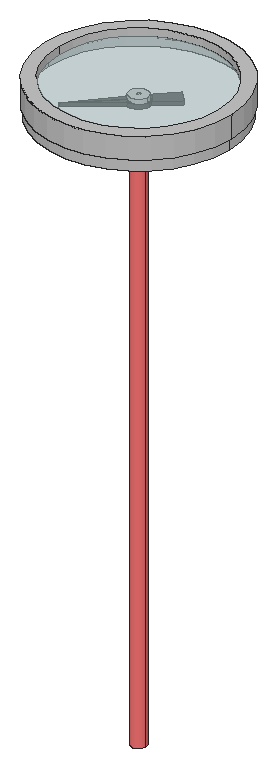
Revit family "РОСМА_ТермометрОбщетехническийСпециальный(Шток)", category Арматура трубопроводов, Revit 2018 (continued)
Definition of nested family "КорпусТермометраОбщетехническСпец(Шток)"
  Automatic sketch dimensions
    curve 218 to curve 218 = 1.831 mm
    curve 217 to curve 217 = 1.759 mm
    curve 217 to curve 217 = 1.831 mm
    curve 219 to curve 219 = 1.759 mm
    curve 219 to curve 219 = 1.831 mm
    curve 220 to curve 220 = 1.759 mm
    curve 220 to curve 220 = 1.831 mm
    curve 221 to curve 221 = 1.759 mm
    curve 221 to curve 221 = 1.831 mm
    curve 222 to curve 222 = 1.759 mm
    curve 222 to curve 222 = 1.831 mm
    curve 223 to curve 223 = 1.759 mm
    curve 223 to curve 223 = 1.831 mm
    curve 224 to curve 224 = 1.759 mm
    curve 224 to curve 224 = 1.831 mm
    curve 225 to curve 225 = 1.759 mm
    curve 225 to curve 225 = 1.831 mm
    curve 226 to curve 226 = 1.759 mm
    curve 226 to curve 226 = 1.831 mm
    curve 227 to curve 227 = 1.759 mm
    curve 227 to curve 227 = 1.831 mm
    curve 228 to curve 228 = 1.759 mm
    curve 228 to curve 228 = 1.831 mm
    curve 229 to curve 229 = 1.759 mm
    curve 229 to curve 229 = 1.831 mm
    curve 230 to curve 230 = 1.759 mm
    curve 230 to curve 230 = 1.831 mm
    curve 231 to curve 231 = 1.759 mm
    curve 231 to curve 231 = 1.831 mm
    curve 232 to curve 232 = 1.759 mm
    curve 232 to curve 232 = 1.831 mm
    curve 233 to curve 233 = 1.759 mm
    curve 233 to curve 233 = 1.831 mm
    curve 234 to curve 234 = 1.759 mm
    curve 234 to curve 234 = 1.831 mm
    curve 235 to curve 235 = 1.759 mm
    curve 235 to curve 235 = 1.831 mm
    curve 236 to curve 236 = 1.759 mm
    curve 236 to curve 236 = 1.831 mm
    curve 237 to curve 237 = 1.759 mm
    curve 237 to curve 237 = 1.831 mm
    curve 238 to curve 238 = 1.759 mm
    curve 238 to curve 238 = 1.831 mm
    curve 239 to curve 239 = 1.759 mm
    curve 239 to curve 239 = 1.831 mm
    curve 240 to curve 240 = 1.759 mm
    curve 240 to curve 240 = 1.831 mm
    curve 241 to curve 241 = 1.759 mm
    curve 241 to curve 241 = 1.831 mm
    curve 242 to curve 242 = 1.759 mm
    curve 242 to curve 242 = 1.831 mm
    curve 243 to curve 243 = 1.759 mm
    curve 243 to curve 243 = 1.831 mm
    curve 244 to curve 244 = 1.759 mm
    curve 244 to curve 244 = 1.831 mm
    curve 245 to curve 245 = 1.759 mm
    curve 245 to curve 245 = 1.831 mm
    curve 246 to curve 246 = 1.759 mm
    curve 246 to curve 246 = 1.831 mm
    curve 247 to curve 247 = 1.759 mm
    curve 247 to curve 247 = 1.831 mm
    curve 248 to curve 248 = 1.759 mm
    curve 248 to curve 248 = 1.831 mm
    curve 249 to curve 249 = 1.759 mm
    curve 249 to curve 249 = 1.831 mm
    curve 250 to curve 250 = 1.759 mm
    curve 250 to curve 250 = 1.831 mm
    curve 251 to curve 251 = 1.759 mm
    curve 251 to curve 251 = 1.831 mm
    curve 252 to curve 252 = 1.759 mm
    curve 252 to curve 252 = 1.831 mm
    curve 253 to curve 253 = 1.759 mm
    curve 253 to curve 253 = 1.831 mm
    curve 254 to curve 254 = 1.759 mm
    curve 254 to curve 254 = 1.831 mm
    curve 255 to curve 255 = 1.759 mm
    curve 255 to curve 255 = 1.831 mm
    curve 256 to curve 256 = 1.759 mm
    curve 256 to curve 256 = 1.831 mm
    curve 257 to curve 257 = 1.759 mm
    curve 257 to curve 257 = 1.831 mm
    curve 258 to curve 258 = 1.759 mm
    curve 258 to curve 258 = 1.831 mm
    curve 259 to curve 259 = 1.759 mm
    curve 259 to curve 259 = 1.831 mm
    curve 260 to curve 260 = 1.759 mm
    curve 260 to curve 260 = 1.831 mm
    curve 261 to curve 261 = 1.759 mm
    curve 261 to curve 261 = 1.831 mm
    curve 262 to curve 262 = 1.759 mm
    curve 262 to curve 262 = 1.831 mm
    curve 263 to curve 263 = 1.759 mm
    curve 263 to curve 263 = 1.831 mm
    curve 264 to curve 264 = 1.759 mm
    curve 264 to curve 264 = 1.831 mm
    curve 265 to curve 265 = 1.759 mm
    curve 265 to curve 265 = 1.831 mm
    curve 266 to curve 266 = 1.759 mm
    curve 266 to curve 266 = 1.831 mm
    curve 267 to curve 267 = 1.759 mm
    curve 267 to curve 267 = 1.831 mm
    curve 268 to curve 268 = 1.759 mm
    curve 268 to curve 268 = 1.831 mm
    curve 269 to curve 269 = 1.759 mm
    curve 269 to curve 269 = 1.831 mm
    curve 270 to curve 270 = 1.759 mm
    curve 270 to curve 270 = 1.831 mm
    curve 271 to curve 271 = 1.759 mm
    curve 271 to curve 271 = 1.831 mm
    curve 272 to curve 272 = 1.759 mm
    curve 272 to curve 272 = 1.831 mm
    curve 273 to curve 273 = 1.759 mm
    curve 273 to curve 273 = 1.831 mm
    curve 274 to curve 274 = 1.759 mm
    curve 274 to curve 274 = 1.831 mm
    curve 275 to curve 275 = 1.759 mm
    curve 275 to curve 275 = 1.831 mm
    curve 276 to curve 276 = 1.759 mm
    curve 276 to curve 276 = 1.831 mm
    curve 277 to curve 277 = 1.759 mm
    curve 277 to curve 277 = 1.831 mm
    curve 278 to curve 278 = 1.759 mm
    curve 278 to curve 278 = 1.831 mm
    curve 279 to curve 279 = 1.759 mm
    curve 279 to curve 279 = 1.831 mm
    curve 280 to curve 280 = 1.759 mm
    curve 280 to curve 280 = 1.831 mm
    curve 281 to curve 281 = 1.759 mm
    curve 281 to curve 281 = 1.831 mm
    curve 282 to curve 282 = 1.759 mm
    curve 282 to curve 282 = 1.831 mm
    curve 283 to curve 283 = 1.759 mm
    curve 283 to curve 283 = 1.831 mm
    curve 284 to curve 284 = 1.759 mm
    curve 284 to curve 284 = 1.831 mm
    curve 285 to curve 285 = 1.759 mm
    curve 285 to curve 285 = 1.831 mm
    curve 286 to curve 286 = 1.759 mm
    curve 286 to curve 286 = 1.831 mm
    curve 287 to curve 287 = 1.759 mm
    curve 287 to curve 287 = 1.831 mm
    curve 288 to curve 288 = 1.759 mm
    curve 288 to curve 288 = 1.831 mm
    curve 289 to curve 289 = 1.759 mm
    curve 289 to curve 289 = 1.831 mm
    curve 290 to curve 290 = 1.759 mm
    curve 290 to curve 290 = 1.831 mm
    curve 291 to curve 291 = 1.759 mm
    curve 291 to curve 291 = 1.831 mm
    curve 292 to curve 292 = 1.759 mm
    curve 292 to curve 292 = 1.831 mm
    curve 293 to curve 293 = 1.759 mm
    curve 293 to curve 293 = 1.831 mm
    curve 294 to curve 294 = 1.759 mm
    curve 294 to curve 294 = 1.831 mm
    curve 295 to curve 295 = 1.759 mm
    curve 295 to curve 295 = 1.831 mm
    curve 296 to curve 296 = 1.759 mm
    curve 296 to curve 296 = 1.831 mm
    curve 297 to curve 297 = 1.759 mm
    curve 297 to curve 297 = 1.831 mm
    curve 298 to curve 298 = 1.759 mm
    curve 298 to curve 298 = 1.831 mm
    curve 299 to curve 299 = 1.759 mm
    curve 299 to curve 299 = 1.831 mm
    curve 300 to curve 300 = 1.759 mm
    curve 300 to curve 300 = 1.831 mm
    curve 301 to curve 301 = 1.759 mm
    curve 301 to curve 301 = 1.831 mm
    curve 302 to curve 302 = 1.759 mm
    curve 302 to curve 302 = 1.831 mm
    curve 303 to curve 303 = 1.759 mm
    curve 303 to curve 303 = 1.831 mm
    curve 304 to curve 304 = 1.759 mm
    curve 304 to curve 304 = 1.831 mm
    curve 305 to curve 305 = 1.759 mm
    curve 305 to curve 305 = 1.831 mm
    curve 315 to curve 315 = 13.751 mm
    curve 316 to curve 316 = 13.751 mm
    curve 201 to curve 201 = 0.5 mm
    curve 201 to curve 201 = 3.276 mm
    curve 165 to curve 164 = 0.273 mm
    curve 165 to curve 170 = 4.273 mm
    curve 170 to curve 201 = 5.048 mm
    curve 201 to curve 200 = 0.052 mm
    curve 201 to curve 209 = 3.696 mm
    curve 207 to curve 207 = 0.359 mm
    curve 201 to curve 190 = 5.684 mm
    curve 189 to curve 190 = 1.451 mm
    curve 170 to curve 165 = 0.7 mm
    curve 170 to curve 190 = 2.319 mm
    curve 170 to curve 201 = 10.694 mm
    curve 201 to curve 200 = 0.021 mm
    curve 207 to curve 209 = 3.572 mm
    curve 165 to curve 165 = 0.495 mm
    curve 201 to curve 200 = 0.038 mm
    curve 200 to curve 201 = 1.731 mm
    curve 200 to curve 207 = 2.932 mm
    curve 209 to curve 209 = 1.293 mm
    curve 189 to curve 189 = 1.203 mm
    curve 189 to curve 191 = 3.856 mm
    curve 191 to curve 190 = 4.488 mm
    curve 189 to curve 191 = 0 mm
    curve 201 to curve 200 = 1.57 mm
    curve 209 to curve 209 = 1.164 mm
    curve 165 to curve 169 = 0.15 mm
    curve 170 to curve 173 = 5.053 mm
    curve 170 to curve 173 = 0.079 mm
    curve 165 to curve 169 = 0.079 mm
    curve 166 to curve 164 = 0.758 mm
    curve 161 to curve 161 = 1.079 mm
    curve 173 to curve 173 = 1.696 mm  (x2)
    curve 210 to curve 207 = 0.41 mm
    curve 216 to curve 216 = 2.225 mm
    curve 189 to curve 196 = 0.987 mm
    curve 198 to curve 190 = 0.697 mm
    curve 198 to curve 198 = 0.444 mm
    curve 192 to curve 191 = 0.972 mm
    curve 173 to curve 173 = 1.523 mm
    curve 161 to curve 165 = 1.29 mm
    curve 192 to curve 198 = 2.173 mm
    curve 198 to curve 190 = 0.867 mm
    curve 216 to curve 207 = 2.225 mm
    curve 207 to curve 210 = 1.24 mm
    curve 168 to curve 169 = 0.862 mm
    curve 201 to curve 205 = 0.038 mm
    curve 205 to curve 209 = 0.784 mm
    curve 211 to curve 211 = 0.756 mm
    curve 201 to curve 215 = 2.179 mm
    curve 196 to curve 194 = 0.351 mm
    curve 198 to curve 194 = 0.132 mm
    curve 194 to curve 198 = 1.029 mm
    curve 215 to curve 201 = 0.888 mm
    curve 211 to curve 210 = 0.014 mm
    curve 205 to curve 209 = 1.127 mm
    curve 201 to curve 205 = 1.363 mm
    curve 170 to curve 171 = 0 mm  (x4)
    curve 162 to curve 165 = 0.556 mm
    curve 213 to curve 201 = 0.253 mm
    curve 173 to curve 172 = 0.042 mm
    curve 200 to curve 212 = 0.492 mm
    curve 175 to curve 173 = 0.639 mm
    curve 174 to curve 173 = 0.63 mm
    curve 173 to curve 177 = 0.797 mm
    curve 208 to curve 207 = 0.056 mm
    curve 176 to curve 187 = 1.048 mm
    curve 176 to curve 178 = 1.122 mm
    curve 207 to curve 212 = 0.29 mm
    curve 187 to curve 185 = 0.925 mm
    curve 187 to curve 179 = 1.349 mm
    curve 185 to curve 184 = 0.888 mm
    curve 178 to curve 180 = 2.608 mm
    curve 179 to curve 184 = 1.405 mm
    curve 179 to curve 181 = 1.043 mm
    curve 197 to curve 198 = 0.964 mm
    curve 176 to curve 173 = 0.725 mm
    curve 181 to curve 189 = 0 mm
    curve 182 to curve 184 = 0.566 mm
    curve 162 to curve 168 = 0.863 mm
    curve 173 to curve 175 = 0.582 mm
    curve 185 to curve 179 = 1.388 mm
    curve 179 to curve 184 = 0.116 mm
    curve 178 to curve 187 = 0.151 mm
    curve 172 to curve 173 = 0.019 mm
    curve 189 to curve 181 = 0.081 mm
    curve 173 to curve 178 = 0.797 mm
    curve 201 to curve 214 = 0.138 mm
    curve 200 to curve 213 = 0.914 mm
    curve 208 to curve 207 = 0.011 mm
    curve 204 to curve 200 = 1.222 mm
    curve 42 to curve 42 = 0.5 mm
    curve 42 to curve 42 = 3.276 mm
    curve 6 to curve 5 = 0.273 mm
    curve 6 to curve 11 = 4.273 mm
    curve 11 to curve 42 = 5.048 mm
    curve 42 to curve 41 = 0.052 mm
    curve 42 to curve 50 = 3.696 mm
    curve 48 to curve 48 = 0.359 mm
    curve 42 to curve 31 = 5.684 mm
    curve 30 to curve 31 = 1.451 mm
    curve 11 to curve 6 = 0.7 mm
    curve 11 to curve 31 = 2.319 mm
    curve 11 to curve 42 = 10.694 mm
    curve 42 to curve 41 = 0.021 mm
    curve 48 to curve 50 = 3.572 mm
    curve 6 to curve 6 = 0.495 mm
    curve 42 to curve 41 = 0.038 mm
    curve 41 to curve 42 = 1.731 mm
    curve 41 to curve 48 = 2.932 mm
    curve 50 to curve 50 = 1.293 mm
    curve 30 to curve 30 = 1.203 mm
    curve 30 to curve 32 = 3.856 mm
    curve 32 to curve 31 = 4.488 mm
    curve 30 to curve 32 = 0 mm
    curve 42 to curve 41 = 1.57 mm
    curve 50 to curve 50 = 1.164 mm
    curve 6 to curve 10 = 0.15 mm
    curve 11 to curve 14 = 5.053 mm
    curve 11 to curve 14 = 0.079 mm
    curve 6 to curve 10 = 0.079 mm
    curve 7 to curve 5 = 0.758 mm
    curve 2 to curve 2 = 1.079 mm
    curve 14 to curve 14 = 1.696 mm  (x2)
    curve 51 to curve 48 = 0.41 mm
    curve 57 to curve 57 = 2.225 mm
    curve 30 to curve 37 = 0.987 mm
    curve 39 to curve 31 = 0.697 mm
    curve 39 to curve 39 = 0.444 mm
    curve 33 to curve 32 = 0.972 mm
    curve 14 to curve 14 = 1.523 mm
    curve 2 to curve 6 = 1.29 mm
    curve 33 to curve 39 = 2.173 mm
    curve 39 to curve 31 = 0.867 mm
    curve 57 to curve 48 = 2.225 mm
    curve 48 to curve 51 = 1.24 mm
    curve 9 to curve 10 = 0.862 mm
    curve 42 to curve 46 = 0.038 mm
    curve 46 to curve 50 = 0.784 mm
    curve 52 to curve 52 = 0.756 mm
    curve 42 to curve 56 = 2.179 mm
    curve 37 to curve 35 = 0.351 mm
    curve 39 to curve 35 = 0.132 mm
    curve 35 to curve 39 = 1.029 mm
    curve 56 to curve 42 = 0.888 mm
    curve 52 to curve 51 = 0.014 mm
    curve 46 to curve 50 = 1.127 mm
    curve 42 to curve 46 = 1.363 mm
    curve 11 to curve 12 = 0 mm  (x4)
    curve 3 to curve 6 = 0.556 mm
    curve 54 to curve 42 = 0.253 mm
    curve 14 to curve 13 = 0.042 mm
    curve 41 to curve 53 = 0.492 mm
    curve 16 to curve 14 = 0.639 mm
    curve 15 to curve 14 = 0.63 mm
    curve 14 to curve 18 = 0.797 mm
    curve 49 to curve 48 = 0.056 mm
    curve 17 to curve 28 = 1.048 mm
    curve 17 to curve 19 = 1.122 mm
    curve 48 to curve 53 = 0.29 mm
    curve 28 to curve 26 = 0.925 mm
    curve 28 to curve 20 = 1.349 mm
    curve 26 to curve 25 = 0.888 mm
    curve 19 to curve 21 = 2.608 mm
    curve 20 to curve 25 = 1.405 mm
    curve 20 to curve 22 = 1.043 mm
    curve 38 to curve 39 = 0.964 mm
    curve 17 to curve 14 = 0.725 mm
    curve 22 to curve 30 = 0 mm
    curve 23 to curve 25 = 0.566 mm
    curve 3 to curve 9 = 0.863 mm
    curve 14 to curve 16 = 0.582 mm
    curve 26 to curve 20 = 1.388 mm
    curve 20 to curve 25 = 0.116 mm
    curve 19 to curve 28 = 0.151 mm
    curve 13 to curve 14 = 0.019 mm
    curve 30 to curve 22 = 0.081 mm
    curve 14 to curve 19 = 0.797 mm
    curve 42 to curve 55 = 0.138 mm
    curve 41 to curve 54 = 0.914 mm
    curve 49 to curve 48 = 0.011 mm
    curve 45 to curve 41 = 1.222 mm
    curve 327 to curve 328 = 0 mm  (x6)
    curve 348 to curve 349 = 0.581 mm
    curve 349 to curve 348 = 2.684 mm
    curve 349 to curve 351 = 0.715 mm  (x2)
    curve 350 to curve 354 = 0.62 mm
    curve 347 to curve 355 = 0.665 mm
    curve 354 to curve 356 = 0.576 mm
    curve 354 to curve 352 = 0.618 mm
    curve 355 to curve 346 = 0.686 mm
    curve 351 to curve 352 = 0.715 mm
    curve 352 to curve 346 = 0.589 mm
    curve 346 to curve 337 = 1.011 mm
    curve 338 to curve 339 = 0.58 mm
    curve 337 to curve 337 = 0.623 mm
    curve 336 to curve 371 = 1.691 mm  (x2)
    curve 339 to curve 341 = 0.655 mm
    curve 340 to curve 335 = 0.842 mm
    curve 371 to curve 366 = 6.107 mm
    curve 341 to curve 343 = 0.531 mm
    curve 366 to curve 368 = 0.789 mm
    curve 365 to curve 369 = 1.488 mm
    curve 336 to curve 335 = 1.558 mm
    curve 365 to curve 364 = 0.761 mm
    curve 335 to curve 344 = 0.811 mm  (x2)
    curve 364 to curve 365 = 0.034 mm
    curve 371 to curve 359 = 1.406 mm  (x2)
    curve 366 to curve 366 = 1.039 mm
    curve 365 to curve 368 = 0.451 mm
    curve 334 to curve 333 = 0.67 mm
    curve 364 to curve 361 = 0.82 mm
    curve 333 to curve 332 = 0.643 mm  (x2)
    curve 333 to curve 331 = 0.673 mm
    curve 359 to curve 359 = 1.396 mm  (x2)
    curve 330 to curve 331 = 0.532 mm
    curve 330 to curve 332 = 0.516 mm  (x2)
    curve 365 to curve 369 = 1.918 mm
    curve 369 to curve 357 = 0.62 mm
    curve 332 to curve 329 = 0.82 mm  (x2)
    curve 329 to curve 330 = 0.027 mm  (x2)
    curve 357 to curve 358 = 0.034 mm
    curve 358 to curve 370 = 0.172 mm  (x2)
    curve 369 to curve 360 = 0.98 mm
    curve 357 to curve 363 = 2.152 mm
    curve 362 to curve 363 = 0.815 mm
    curve 330 to curve 327 = 3.019 mm
    curve 327 to curve 320 = 2.315 mm
    curve 322 to curve 321 = 1.903 mm
    curve 322 to curve 323 = 0.459 mm
    curve 326 to curve 322 = 0.101 mm
    curve 320 to curve 319 = 0.628 mm
    curve 326 to curve 323 = 0.515 mm
    curve 318 to curve 317 = 0.645 mm
    curve 350 to curve 352 = 1.133 mm
    curve 340 to curve 346 = 0.871 mm
    curve 344 to curve 342 = 0.648 mm
    curve 318 to curve 320 = 0.994 mm
    curve 342 to curve 336 = 0.867 mm
    curve 335 to curve 340 = 0.842 mm
    curve 320 to curve 325 = 0.555 mm
    curve 322 to curve 328 = 2.315 mm
    curve 351 to curve 354 = 0.618 mm
    curve 326 to curve 322 = 0.427 mm
    curve 322 to curve 326 = 0.101 mm
    curve 354 to curve 356 = 0.905 mm
    curve 355 to curve 348 = 0.665 mm
    curve 331 to curve 333 = 0.673 mm
    curve 340 to curve 336 = 1.493 mm
    curve 359 to curve 358 = 2.075 mm
    curve 358 to curve 357 = 0.034 mm
    curve 365 to curve 365 = 0.777 mm
    curve 365 to curve 364 = 0.034 mm
    curve 360 to curve 357 = 0.73 mm
    curve 365 to curve 367 = 0.451 mm
    curve 368 to curve 367 = 0.789 mm
    curve 367 to curve 361 = 0.843 mm
    curve 361 to curve 366 = 0.82 mm
    curve 363 to curve 362 = 0.815 mm
    curve 372 to curve 371 = 1.446 mm
    curve 373 to curve 369 = 1.37 mm
    curve 371 to curve 372 = 1.446 mm
    curve 333 to curve 339 = 2.271 mm
    curve 318 to curve 330 = 6.051 mm
    plane 9 "sr" to curve 158 = 107.621 mm
    curve 159 to plane 10 "sl" = 16.519 mm
    curve 159 to curve 158 = 62.657 mm
    Extrusion 5 sketch curve to plane 14 = 0 mm  (x2)
    Extrusion 5 sketch curve to plane 15 = 0 mm
    Extrusion 5 sketch curve to plane 16 = 0 mm
    Extrusion 5 sketch curve to level = 0.614 mm
    Extrusion 6 sketch curve to plane 14 = 0 mm  (x2)
    Extrusion 6 sketch curve to plane 15 = 0 mm
    plane 3 "По центру (Влево/Вправо)" to Extrusion 6 sketch curve = 0.614 mm
    curve 317 to curve 324 = 0.551 mm
    curve 324 to curve 320 = 0.093 mm
    curve 324 to curve 322 = 0.425 mm
    curve 323 to curve 323 = 0.515 mm
    curve 326 to curve 321 = 0.073 mm
    curve 325 to curve 320 = 0.206 mm
    curve 322 to curve 328 = 2.257 mm
    curve 321 to curve 363 = 5.106 mm
    curve 358 to curve 360 = 0.023 mm
    curve 363 to curve 362 = 0.023 mm
    curve 360 to curve 370 = 0.125 mm
    curve 370 to curve 358 = 0.151 mm
    curve 327 to curve 330 = 3.018 mm
    curve 330 to curve 329 = 0.025 mm
    curve 358 to curve 357 = 0.031 mm
    curve 357 to curve 369 = 0.294 mm
    curve 329 to curve 332 = 0.606 mm
    curve 329 to curve 331 = 0.612 mm
    curve 357 to curve 359 = 0.892 mm
    curve 331 to curve 331 = 0.376 mm
    curve 329 to curve 332 = 0.382 mm
    curve 363 to curve 362 = 1.74 mm
    curve 330 to curve 334 = 0.476 mm
    curve 362 to curve 367 = 0.438 mm
    curve 362 to curve 366 = 0.468 mm
    curve 359 to curve 359 = 1.034 mm
    curve 367 to curve 365 = 0.211 mm
    curve 333 to curve 344 = 0.626 mm
    curve 365 to curve 364 = 0.033 mm
    curve 333 to curve 335 = 0.67 mm
    curve 364 to curve 369 = 0.173 mm
    curve 367 to curve 368 = 0.451 mm
    curve 344 to curve 342 = 0.553 mm
    curve 365 to curve 373 = 0.378 mm
    curve 365 to curve 366 = 0.351 mm
    curve 344 to curve 336 = 0.806 mm
    curve 343 to curve 341 = 0.531 mm
    curve 359 to curve 371 = 1.302 mm
    curve 334 to curve 337 = 1.558 mm
    curve 335 to curve 341 = 0.839 mm
    curve 371 to curve 373 = 0.745 mm
    curve 336 to curve 338 = 0.623 mm
    curve 338 to curve 353 = 0.291 mm
    curve 346 to curve 353 = 0.589 mm
    curve 337 to curve 347 = 1.01 mm
    curve 352 to curve 352 = 0.21 mm
    curve 351 to curve 354 = 0.059 mm
    curve 346 to curve 356 = 0.45 mm
    curve 354 to curve 355 = 0.576 mm
    curve 354 to curve 350 = 0.079 mm
    curve 356 to curve 347 = 0.417 mm
    curve 350 to curve 350 = 0.21 mm
    curve 349 to curve 349 = 0.581 mm
    curve 333 to curve 346 = 0 mm
    curve 338 to curve 346 = 0 mm
    curve 350 to curve 352 = 0 mm
    curve 333 to curve 318 = 0.009 mm
    curve 339 to curve 341 = 0.338 mm
    curve 333 to curve 332 = 0.433 mm
    curve 352 to curve 352 = 0.684 mm
    curve 318 to curve 319 = 0.771 mm
    curve 332 to curve 332 = 0.347 mm
    curve 343 to curve 336 = 0.829 mm
    curve 335 to curve 341 = 0.069 mm
    curve 336 to curve 344 = 0.09 mm
    curve 319 to curve 325 = 0.515 mm
    curve 322 to curve 328 = 0.515 mm
    curve 350 to curve 355 = 0.615 mm
    curve 332 to curve 329 = 0.551 mm
    curve 329 to curve 330 = 0.011 mm
    curve 326 to curve 322 = 0.418 mm
    curve 322 to curve 326 = 0.047 mm
    curve 355 to curve 355 = 0.865 mm
    curve 356 to curve 347 = 0.518 mm
    curve 346 to curve 338 = 0.048 mm
    curve 331 to curve 335 = 0.476 mm
    curve 336 to curve 371 = 1.627 mm
    curve 372 to curve 359 = 0.53 mm
    curve 371 to curve 372 = 1.24 mm
    curve 358 to curve 359 = 0.938 mm
    curve 372 to curve 373 = 1.329 mm
    curve 359 to curve 358 = 1.859 mm
    curve 358 to curve 357 = 0.013 mm
    curve 358 to curve 371 = 0.083 mm
    curve 369 to curve 365 = 0.749 mm
    curve 365 to curve 364 = 0.007 mm
    curve 361 to curve 357 = 0.73 mm
    curve 368 to curve 367 = 0.009 mm
    curve 365 to curve 367 = 0.706 mm
    curve 361 to curve 364 = 0.673 mm
    curve 363 to curve 362 = 0.814 mm
    Extrusion 9 sketch curve to Extrusion 9 sketch curve = 0.014 mm
    Extrusion 9 sketch curve to Extrusion 9 sketch curve = 0.013 mm
    Extrusion 10 sketch curve to Extrusion 10 sketch curve = 1.745 mm  (x2)
    Extrusion 10 sketch curve to Extrusion 10 sketch curve = 8.299 mm
    Extrusion 10 sketch curve to Extrusion 10 sketch curve = 2.971 mm  (x2)
    Extrusion 10 sketch curve to Extrusion 10 sketch curve = 7.992 mm
    curve 384 to curve 385 = 0 mm  (x2)
    curve 374 to curve 381 = 0.551 mm
    curve 381 to curve 377 = 0.093 mm
    curve 381 to curve 379 = 0.425 mm
    curve 380 to curve 380 = 0.515 mm
    curve 383 to curve 378 = 0.073 mm
    curve 382 to curve 377 = 0.206 mm
    curve 379 to curve 385 = 2.257 mm
    curve 378 to curve 420 = 5.106 mm
    curve 415 to curve 417 = 0.023 mm
    curve 420 to curve 419 = 0.023 mm
    curve 417 to curve 427 = 0.125 mm
    curve 427 to curve 415 = 0.151 mm
    curve 384 to curve 387 = 3.018 mm
    curve 387 to curve 386 = 0.025 mm
    curve 415 to curve 414 = 0.031 mm
    curve 414 to curve 426 = 0.294 mm
    curve 386 to curve 389 = 0.606 mm
    curve 386 to curve 388 = 0.612 mm
    curve 414 to curve 416 = 0.892 mm
    curve 388 to curve 388 = 0.376 mm
    curve 386 to curve 389 = 0.382 mm
    curve 420 to curve 419 = 1.74 mm
    curve 387 to curve 391 = 0.476 mm
    curve 419 to curve 424 = 0.438 mm
    curve 419 to curve 423 = 0.468 mm
    curve 416 to curve 416 = 1.034 mm
    curve 424 to curve 422 = 0.211 mm
    curve 390 to curve 401 = 0.626 mm
    curve 422 to curve 421 = 0.033 mm
    curve 390 to curve 392 = 0.67 mm
    curve 421 to curve 426 = 0.173 mm
    curve 424 to curve 425 = 0.451 mm
    curve 401 to curve 399 = 0.553 mm
    curve 422 to curve 430 = 0.378 mm
    curve 422 to curve 423 = 0.351 mm
    curve 401 to curve 393 = 0.806 mm
    curve 400 to curve 398 = 0.531 mm
    curve 416 to curve 428 = 1.302 mm
    curve 391 to curve 394 = 1.558 mm
    curve 392 to curve 398 = 0.839 mm
    curve 428 to curve 430 = 0.745 mm
    curve 393 to curve 395 = 0.623 mm
    curve 395 to curve 410 = 0.291 mm
    curve 403 to curve 410 = 0.589 mm
    curve 394 to curve 404 = 1.01 mm
    curve 409 to curve 409 = 0.21 mm
    curve 408 to curve 411 = 0.059 mm
    curve 403 to curve 413 = 0.45 mm
    curve 411 to curve 412 = 0.576 mm
    curve 411 to curve 407 = 0.079 mm
    curve 413 to curve 404 = 0.417 mm
    curve 407 to curve 407 = 0.21 mm
    curve 406 to curve 406 = 0.581 mm
    curve 390 to curve 403 = 0 mm
    curve 395 to curve 403 = 0 mm
    curve 407 to curve 409 = 0 mm
    curve 390 to curve 375 = 0.009 mm
    curve 396 to curve 398 = 0.338 mm
    curve 390 to curve 389 = 0.433 mm
    curve 409 to curve 409 = 0.684 mm
    curve 375 to curve 376 = 0.771 mm
    curve 389 to curve 389 = 0.347 mm
    curve 400 to curve 393 = 0.829 mm
    curve 392 to curve 398 = 0.069 mm
    curve 393 to curve 401 = 0.09 mm
    curve 376 to curve 382 = 0.515 mm
    curve 379 to curve 385 = 0.515 mm
    curve 407 to curve 412 = 0.615 mm
    curve 389 to curve 386 = 0.551 mm
    curve 386 to curve 387 = 0.011 mm
    curve 383 to curve 379 = 0.418 mm
    curve 379 to curve 383 = 0.047 mm
    curve 412 to curve 412 = 0.865 mm
    curve 413 to curve 404 = 0.518 mm
    curve 403 to curve 395 = 0.048 mm
    curve 388 to curve 392 = 0.476 mm
    curve 393 to curve 428 = 1.627 mm
    curve 429 to curve 416 = 0.53 mm
    curve 428 to curve 429 = 1.24 mm
    curve 415 to curve 416 = 0.938 mm
    curve 429 to curve 430 = 1.329 mm
    curve 416 to curve 415 = 1.859 mm
    curve 415 to curve 414 = 0.013 mm
    curve 415 to curve 428 = 0.083 mm
    curve 426 to curve 422 = 0.749 mm
    curve 422 to curve 421 = 0.007 mm
    curve 418 to curve 414 = 0.73 mm
    curve 425 to curve 424 = 0.009 mm
    curve 422 to curve 424 = 0.706 mm
    curve 418 to curve 421 = 0.673 mm
    curve 420 to curve 419 = 0.814 mm
    radius of curve 170 = 2.25 mm
    radius of curve 171 = 1.301 mm
    radius of curve 11 = 2.25 mm
    radius of curve 12 = 1.301 mm
    radius of curve 327 = 1.344 mm  (x2)
    radius of curve 328 = 0.777 mm  (x2)
    radius of Extrusion 8 sketch curve = 3 mm
    radius of Extrusion 9 sketch curve = 2.5 mm
    radius of Extrusion 9 sketch curve = 0.5 mm
    radius of curve 384 = 1.344 mm
    radius of curve 385 = 0.777 mm
Definition of nested family "DAA_УГО_ТермометрПоказывающий_ГОСТ21.208-2013"
  Parameters (values of type "DAA_УГО_ТермометрПоказывающий_ГОСТ21.208-2013")
    Центр2 = 0.5 * Масштаб_УГО  # 25 mm
    Центр = 0.9 * Масштаб_УГО  # 45 mm
    Масштаб_УГО = 50 mm
    Высота_выноски_на_виде_мм = 2
    rr = 0.8 * Масштаб_УГО  # 40 mm
    r = 2.5 * Масштаб_УГО  # 125 mm
    lr2 = 1.4 * Масштаб_УГО  # 70 mm
    lr1 = 0.8 * Масштаб_УГО  # 40 mm
    ll2 = 0.7 * Масштаб_УГО  # 35 mm
    ll1 = 1.4 * Масштаб_УГО  # 70 mm
    h5 = 3.8 * Масштаб_УГО  # 190 mm
    h4 = 4.2 * Масштаб_УГО  # 210 mm
    h3 = 3.4 * Масштаб_УГО  # 170 mm
    h2 = 2.6 * Масштаб_УГО  # 130 mm
    h1 = Высота_выноски_на_виде_мм * Масштаб_УГО  # 100 mm
  Reference planes
    plane 1 "По центру (Вперед/Назад)": y = 0
    plane 2: z = 0
    plane 3 "По центру (Влево/Вправо)": x = 0
    plane 4: z = 100
    plane 5: z = 225
    plane 6: x = 45
    plane 7: z = 230
    plane 8: z = 270
    plane 9: z = 310
    plane 10: x = -35
    plane 11: x = -70
    plane 12: x = 40
    plane 13: x = 70
  Lines and regions (mm)
    reference lines
      curve 1: circle (0, 0, 225) r 125 normal (0, -1, 0)
      curve 2: circle (45, 0, 270) r 40 normal (0, -1, 0)
    model lines
      curve 3: line (-35, 0, 230) -> (-35, 0, 310)
      curve 4: arc (70, 0, 301.225) -> (5, 0, 270) -> (70, 0, 238.775) r 40
      curve 5: line (70, 0, 270) -> (70, 0, 238.775)
      curve 6: line (70, 0, 270) -> (40, 0, 270)
      curve 7: line (-70, 0, 310) -> (0, 0, 310)
      curve 8: circle (0, 0, 225) r 125 normal (0, -1, 0)
      curve 9: line (0, 0, 100) -> (0, 0, 0)
  Dimensions and locks
    "h1": plane 4 to level
    "r": plane 5 to plane 4
    "h2": plane 7 to plane 4
    "h3": plane 8 to plane 4
    "h4": plane 9 to plane 4
    "lr1": plane 12 to plane 3 "По центру (Влево/Вправо)"
    "lr2": plane 13 to plane 3 "По центру (Влево/Вправо)"
    "ll1": plane 3 "По центру (Влево/Вправо)" to plane 11
    "ll2": plane 3 "По центру (Влево/Вправо)" to plane 10
    "Центр": plane 6 to plane 3 "По центру (Влево/Вправо)"
    "r": radius of curve 1
    "rr": radius of curve 2
    aligned and locked: level to plane 2
    aligned and locked: plane 10 to curve 3
    aligned and locked: curve 4 to curve 2
    aligned and locked: curve 5 to plane 13
    aligned and locked: curve 6 to plane 8
    aligned and locked: curve 7 to plane 9
    aligned and locked: curve 8 to curve 1
    aligned and locked: curve 9 to plane 3 "По центру (Влево/Вправо)"
    aligned and locked: plane 11 to curve 7
    aligned and locked: plane 3 "По центру (Влево/Вправо)" to curve 7
  Automatic sketch dimensions
    curve 1 to plane 3 "По центру (Влево/Вправо)" = 0 mm
    curve 2 to plane 6 = 0 mm
    curve 1 to plane 5 = 0 mm
    curve 2 to plane 8 = 0 mm
    curve 6 to plane 12 = 0 mm
    curve 4 to plane 13 = 0 mm
    curve 9 to level = 0 mm
    curve 3 to plane 7 = 0 mm
